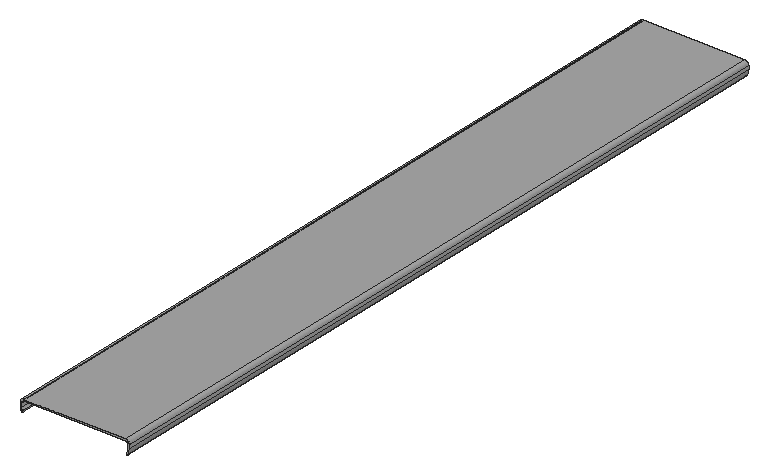
Revit family "Specialty_Equipment-Metal_Raceway-Hubbell_Wiring-Cover-HBL3000C195", category Specialty Equipment, host Face, Revit 2015
Parameters (values of type "HBL3000C195GY")
  URL = "http://www.hubbell-wiring.com/"
  Product data url = "https://bimobject.com/hubbellwiring/product/hubbell-metal-raceway-hbl3000"
  Product Page URL = "http://ecatalog.hubbell-wiring.com/ProductInformation/ViewCatalog.aspx?Dest=hubbell-wiring.com/press/catalog/r.pdf"
  Product Documentation Link = "http://www.hubbell-wiring.com/press/pdfs/h5233r08.pdf"
  Number of segments [instance] = roundup(Length / 19.50")  # 1
  Model = "HBL3000C195GY"
  Manufacturer = "Hubbell Wiring Device Kellems"  # constant formula
  Length Note [instance] = "Available in 10 foot Segments"  # constant formula
  Length [instance] = 19.50"
  Host Note = "Add in Section View; Host to Wall"  # constant formula
  Description = "19.5 in. Precut Cover"  # constant formula
  Default Elevation = 48.00"
  Cable Tray Material = Metal-Hubbell-Gray
  B = 2.75"
  Assembly Code = "D5090900"
Types (3): name | Model | Cable Tray Material
  (no name) | "HBL3000C195IV" | Metal-Hubbell-Ivory
  HBL3000C195IV | "HBL3000C195IV" | Metal-Hubbell-Ivory
  HBL3000C195GY | "HBL3000C195GY" | Metal-Hubbell-Gray
Reference planes (in)
  plane 1 "Center (Front/Back)": y = 0
  plane 2: z = 0
  plane 3 "Center (Left/Right)": x = 0
  plane 4: y = 9.75
  plane 5: z = 1.47
  plane 6: x = -1.375
  plane 7: x = 1.375
  plane 8: y = -9.75
Forms (in)
  Extrusion 1, solid, material "Metal-Hubbell-Gray" <- "Cable Tray Material"
    sketch origin (0, 0, 0) x (1, 0, 0) y (0, 0, 1)
      loop
        arc (1.33833, 1.31427) -> (1.3321, 1.2611) -> (1.31373, 1.21082) r 0.22983
        arc (1.31373, 1.21082) -> (1.3113, 1.18214) -> (1.34009, 1.18239) r 0.01947
        arc (1.34009, 1.18239) -> (1.36612, 1.24606) -> (1.375, 1.31427) r 0.2665
        line (1.375, 1.31427) -> (1.375, 1.4116)
        arc (1.375, 1.4116) -> (1.34715, 1.47882) -> (1.27993, 1.50667) r 0.09507
        line (1.27993, 1.50667) -> (-1.27993, 1.50667)
        arc (-1.27993, 1.50667) -> (-1.34715, 1.47882) -> (-1.375, 1.4116) r 0.09507
        line (-1.375, 1.4116) -> (-1.375, 1.31427)
        arc (-1.375, 1.31427) -> (-1.36603, 1.25985) -> (-1.34009, 1.21119) r 0.1696
        arc (-1.34009, 1.21119) -> (-1.31602, 1.20691) -> (-1.30829, 1.2301) r 0.01869
        arc (-1.30829, 1.2301) -> (-1.3306, 1.26959) -> (-1.33833, 1.31427) r 0.13293
        line (-1.33833, 1.31427) -> (-1.33833, 1.4116)
        arc (-1.33833, 1.4116) -> (-1.32123, 1.4529) -> (-1.27993, 1.47) r 0.0584
        line (-1.27993, 1.47) -> (1.27993, 1.47)
        arc (1.27993, 1.47) -> (1.32123, 1.4529) -> (1.33833, 1.4116) r 0.0584
        line (1.33833, 1.4116) -> (1.33833, 1.31427)
    from -9.75 to 9.75
Lines and regions (in)
  symbolic lines, style "Symbolic lines"
    curve 1: line (-1.375, -9.75, 0) -> (1.375, -9.75, 0)
    curve 2: line (-1.375, 9.75, 0) -> (-1.375, -9.75, 0)
    curve 3: line (1.375, -9.75, 0) -> (1.375, 9.75, 0)
    curve 4: line (-1.375, 9.75, 0) -> (1.375, 9.75, 0)
    curve 5: line (-1.27993, 0, 1.50667) -> (1.27993, 0, 1.50667)
    curve 6: arc (1.27993, 0, 1.50667) -> (1.34715, 0, 1.47882) -> (1.375, 0, 1.4116) r 0.09507
    curve 7: line (1.375, 0, 1.4116) -> (1.375, 0, 1.31427)
    curve 8: arc (1.375, 0, 1.31427) -> (1.36612, 0, 1.24606) -> (1.34009, 0, 1.18239) r 0.2665
    curve 9: arc (1.34009, 0, 1.18239) -> (1.3113, 0, 1.18214) -> (1.31373, 0, 1.21082) r 0.01947
    curve 10: arc (1.31373, 0, 1.21082) -> (1.3321, 0, 1.2611) -> (1.33833, 0, 1.31427) r 0.22983
    curve 11: line (1.33833, 0, 1.31427) -> (1.33833, 0, 1.4116)
    curve 12: arc (1.33833, 0, 1.4116) -> (1.32123, 0, 1.4529) -> (1.27993, 0, 1.47) r 0.0584
    curve 13: line (1.27993, 0, 1.47) -> (-1.27993, 0, 1.47)
    curve 14: arc (-1.27993, 0, 1.47) -> (-1.32123, 0, 1.4529) -> (-1.33833, 0, 1.4116) r 0.0584
    curve 15: line (-1.33833, 0, 1.4116) -> (-1.33833, 0, 1.31427)
    curve 16: arc (-1.33833, 0, 1.31427) -> (-1.3306, 0, 1.26959) -> (-1.30829, 0, 1.2301) r 0.13293
    curve 17: arc (-1.30829, 0, 1.2301) -> (-1.31602, 0, 1.20691) -> (-1.34009, 0, 1.21119) r 0.01869
    curve 18: arc (-1.34009, 0, 1.21119) -> (-1.36603, 0, 1.25985) -> (-1.375, 0, 1.31427) r 0.1696
    curve 19: line (-1.375, 0, 1.31427) -> (-1.375, 0, 1.4116)
    curve 20: arc (-1.375, 0, 1.4116) -> (-1.34715, 0, 1.47882) -> (-1.27993, 0, 1.50667) r 0.09507
    curve 21: line (0, 9.75, 1.18239) -> (0, -9.75, 1.18239)
    curve 22: line (0, 9.75, 1.50667) -> (0, 9.75, 1.18239)
    curve 23: line (0, -9.75, 1.50667) -> (0, 9.75, 1.50667)
    curve 24: line (0, -9.75, 1.18239) -> (0, -9.75, 1.50667)
Dimensions and locks (in)
  plane 5 to host face = 1.47"
  equal spacing: plane 6, plane 3 "Center (Left/Right)", plane 7
  equal spacing: plane 4, plane 1 "Center (Front/Back)", plane 8
  "B": plane 6 to plane 7
  "Length": plane 4 to plane 8
  locked: plane 5 to plane 2 at 1.47
  aligned and locked: plane 2 to host face
  aligned and locked: level to host face
  aligned and locked: curve 4 to plane 4
  aligned and locked: curve 1 to plane 8
  aligned and locked: plane 4 to Extrusion 1
  aligned and locked: Extrusion 1 to plane 8
  aligned and locked: plane 6 to curve 2
  aligned and locked: plane 7 to curve 3
  aligned and locked: Extrusion 1 to plane 4
  aligned and locked: plane 8 to Extrusion 1
  aligned and locked: Extrusion 1 to plane 5
  aligned and locked: curve 6 to Extrusion 1
  aligned and locked: curve 8 to Extrusion 1
  aligned and locked: curve 9 to Extrusion 1
  aligned and locked: curve 10 to Extrusion 1
  aligned and locked: curve 12 to Extrusion 1
  aligned and locked: curve 14 to Extrusion 1
  aligned and locked: curve 16 to Extrusion 1
  aligned and locked: curve 17 to Extrusion 1
  aligned and locked: curve 18 to Extrusion 1
  aligned and locked: curve 20 to Extrusion 1
  aligned and locked: curve 22 to Extrusion 1
  aligned and locked: curve 23 to Extrusion 1
  aligned and locked: curve 24 to Extrusion 1
  aligned and locked: curve 21 to Extrusion 1
Automatic sketch dimensions
  host sketch curve to host sketch curve = 96.00"  (x2)
  Extrusion 1 sketch curve to Extrusion 1 sketch curve = 0.00"  (x8)
  plane 6 to Extrusion 1 sketch curve = 0.00"
  plane 5 to Extrusion 1 sketch curve = 0.00"
  Extrusion 1 sketch curve to plane 7 = 0.00"
  Extrusion 1 sketch curve to plane 6 = 0.03491"
  Extrusion 1 sketch curve to plane 6 = 0.03667"
  Extrusion 1 sketch curve to Extrusion 1 sketch curve = 0.01451"  (x2)
  Extrusion 1 sketch curve to Extrusion 1 sketch curve = 0.01728"
  Extrusion 1 sketch curve to plane 6 = 0.09507"
  Extrusion 1 sketch curve to Extrusion 1 sketch curve = 0.07453"
  Extrusion 1 sketch curve to plane 5 = 0.15573"
  Extrusion 1 sketch curve to Extrusion 1 sketch curve = 0.22983"
  Extrusion 1 sketch curve to Extrusion 1 sketch curve = 0.0584"
  Extrusion 1 sketch curve to plane 7 = 0.06127"
  Extrusion 1 sketch curve to Extrusion 1 sketch curve = 0.01184"
  Extrusion 1 sketch curve to Extrusion 1 sketch curve = 0.20041"
  curve 16 to curve 18 = 0.00"  (x2)
